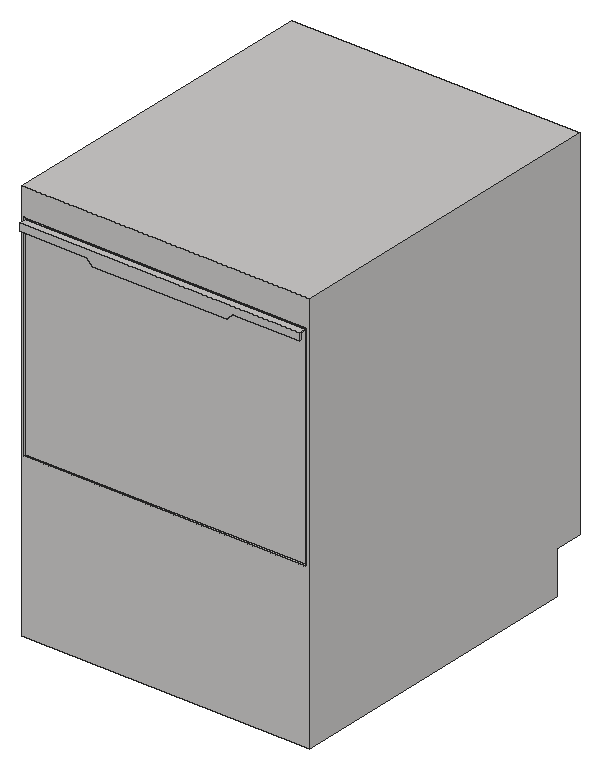
Revit family "QF_ELECTROLUXPROFESSIONAL_402314_EXLIWG", category Specialty Equipment, Revit 2018
Family settings
  Round Connector Dimension = Use Diameter
  Part Type = Normal
  Work Plane-Based = No
  Always vertical = Yes
  Cut with Voids When Loaded = No
  Shared = No
  Room Calculation Point = No
Parameters
  Weight = 76.50 kg
  Watts = 0 W
  Volts = 0 V
  URL Manufacturer = ""
  URL = "http://professional.electrolux.com/"
  Steam Supply Size = 0 mm
  Steam Supply Minimum Pressure = 0.0 Pa
  Steam Supply Maximum Pressure = 0.0 Pa
  Steam Pounds per Hour = 0
  Show Logo [instance] = yes
  Show Clearance [instance] = yes
  Refrigeration Suction Line Size = 0 mm
  Refrigeration Liquid Line Size = 0 mm
  Refrigerant Compressor Remote = yes
  Manufacturer = ""
  Phase = 0
  Model = ""
  Length Actual = 600 mm  # constant formula
  Item Number = ""
  Hot Water Size = 0 mm
  Height Actual = 850 mm  # constant formula
  HP = "8.9 HP"
  Gas Size = 0 mm
  Gas KW = 0
  Gas Input Pressure = 0 W
  Direct Waste Size = 29 mm
  Description = ""
  Depth Actual = 703 mm  # constant formula
  Cycle = 0 Hz
  Condensate Return Size = 0 mm
  Compressed Air Volume = 0.0 L/s
  Compressed Air Size = 0 mm
  Compressed Air Pressure = 0.0 Pa
  Cold Water Size = 0 mm
  Accessory = yes
Types (2, lengths in mm): name | Volts | URL Manufacturer | URL | Manufacturer | Phase | Model | Item Number | Hot Water Size | Description | Cycle | Cold Water Size
  (no name) | 0 V | "" | "http://professional.electrolux.com/" | "" | 0 | "" | "" | 0 | "" | 0 Hz | 0
  Standard | 380 V | "http://professional.electrolux.com" | "http://professional.electrolux.com" | "Electrolux Professional" | 3 | "EXLIWG" | "402314" | 19.05 | "UNDERCOUNTER (XL), DOUBLE SKIN, 600X400, WATER SOFTENER, DP., DETERGENT DISPENSER, 360T/H" | 50 Hz | 19.05
Reference planes
  plane 1 "Center (Front/Back)": y = 0
  plane 2: z = 0
  plane 3 "Center (Left/Right)": x = 0
  plane 4 "LEFT": x = -300
  plane 5 "RIGHT": x = 300
  plane 6 "FRONT": y = -351.5
  plane 7 "BACK": y = 351.5
  plane 8: x = -202.5
  plane 9: x = 202.5
  plane 10: z = 850
  plane 11: z = 10
Forms (mm)
  Extrusion 1, solid, material "QF_Finishes_Stainless Steel"
    sketch origin (0, 0, 0) x (1, 0, 0) y (0, 1, 0)
      loop
        line (-300, -351.5) -> (300, -351.5) -> (300, 293.5) -> (-300, 293.5) -> (-300, -351.5)
    from 10 to 850
  Extrusion 2, solid, material "QF_Finishes_Stainless Steel"
    sketch origin (0, 0, 0) x (1, 0, 0) y (0, 1, 0)
      loop
        line (-300, 293.5) -> (300, 293.5) -> (300, 351.5) -> (-300, 351.5) -> (-300, 293.5)
    from 100 to 850
  Extrusion 3, solid, material "QF_Finishes_Stainless Steel"
    sketch origin (0, 17.5, 0) x (1, 0, 0) y (0, 1, 0)
      loop
        circle (-266.5, 259) r 12.5
      loop
        circle (266.5, 259) r 12.5
      loop
        circle (-266.5, -319) r 12.5
      loop
        circle (266.5, -319) r 12.5
    from 0 to 10
  Extrusion 4, void
    sketch origin (-300, -351.5, 0) x (-1, 0, 0) y (0, 0, 1)
      loop
        line (-5, 793.217) -> (-595, 793.217) -> (-595, 347.239) -> (-5, 347.239) -> (-5, 793.217)
    from 0 to 30
  Extrusion 5, solid, material "QF_Finishes_Stainless Steel"
    sketch origin (-98, -340.5, 752) x (0, 0, -1) y (1, 0, 0)
      loop
        circle (693, 143) r 10
    from -634 to -692
  Extrusion 6, solid, material "QF_Door-Drawer Clearances", visible <- "Show Clearance", detail levels coarse
    sketch origin (-230, -282.5, 0) x (0, 1, 0) y (0, 0, -1)
      loop
        line (-69, -351.141) -> (-513, -351.141)
        arc (-513, -351.141) -> (-384.211, -664.874) -> (-69, -790) r 433.707
        line (-69, -790) -> (-69, -351.141)
    from 61.197 to -521.306
  Extrusion 7, solid, material "QF_Finishes_Stainless Steel"
    sketch origin (-407.481, -340.5, 722) x (0, 0, -1) y (1, 0, 0)
      loop
        circle (663, 252.481) r 8
    from -634 to -692
  Extrusion 8, solid, material "QF_Finishes_Stainless Steel"
    sketch origin (-230, -282.5, 0) x (0, 1, 0) y (0, 0, -1)
      loop
        line (-69, -351.141) -> (-69, -790) -> (-44, -790) -> (-44, -351.141) -> (-69, -351.141)
    from 61.197 to -521.306
  Extrusion 9, solid, material "QF_Finishes_Stainless Steel"
    sketch origin (-230, -297.5, 0) x (0, 1, 0) y (0, 0, -1)
      loop
        line (-54, -790) -> (-54, -787.514) -> (-66.5, -787.514) -> (-66.5, -761.25) -> (-69, -761.25) -> (-69, -790) -> (-54, -790)
    from 61.197 to -521.306
  Extrusion 10, void
    sketch origin (-230, -366.5, 790) x (0, 0, 1) y (1, 0, 0)
      loop
        line (-15.552, -61.197) -> (-15.552, 77.909) -> (-28.75, 91.107) -> (-28.75, -61.197) -> (-15.552, -61.197)
      loop
        line (-15.552, 521.197) -> (-28.75, 521.197) -> (-28.75, 368.893) -> (-15.552, 382.091) -> (-15.552, 521.197)
    from 0 to 2.5
  Extrusion 11, solid, material "QF_Finishes_Stainless Steel"
    sketch origin (-214, -370.29, 631.5) x (0, 0, -1) y (1, 0, 0)
      loop
        circle (611.5, 158) r 8
    from -663.79 to -721.79
Cuts and joins
  Extrusion 4 cuts Extrusion 1
  joined: Extrusion 1, Extrusion 2
  Extrusion 10 cuts Extrusion 8
  Extrusion 10 cuts Extrusion 9
Lines and regions (mm)
  Split face 1
    outline origin (-300, -351.5, 850) x (0, 0, -1) y (1, 0, 0)
      loop
        line (56.783, 5) -> (42.5, 5) -> (42.5, 67.5) -> (54.142, 79.142) -> (54.142, 520.858) -> (42.5, 532.5) -> (42.5, 595) -> (56.783, 595)
  Split face 2
    outline origin (-300, -351.5, 850) x (0, 0, -1) y (1, 0, 0)
      loop
        line (42.5, 5) -> (5, 5) -> (5, 595) -> (42.5, 595)
  Split face 3
    outline origin (-300, -351.5, 850) x (0, 0, -1) y (1, 0, 0)
      loop
        line (21.579, 283.75) -> (39.683, 283.75) -> (39.683, 316.25) -> (21.579, 316.25) -> (21.579, 283.75)
  symbolic lines
    curve 1: line (-300, 351.5, 0) -> (300, 351.5, 0)
    curve 2: line (-300, -351.5, 0) -> (-300, 351.5, 0)
    curve 3: line (300, -351.5, 0) -> (-300, -351.5, 0)
    curve 4: line (300, 351.5, 0) -> (300, -351.5, 0)
    curve 9: line (-291.197, -351.5, 0) -> (-291.197, -366.5, 0)
    curve 10: line (291.306, -366.5, 0) -> (291.306, -351.5, 0)
    curve 11: line (-291.197, -366.5, 0) -> (291.306, -366.5, 0)
  symbolic lines, style "QF_Door-Drawer Clearances"
    curve 5: line (-291.197, -795.5, 0) -> (291.306, -795.5, 0)
    curve 6: line (291.306, -795.5, 0) -> (291.306, -351.5, 0)
    curve 7: line (-291.197, -795.5, 0) -> (-291.197, -351.5, 0)
  symbolic lines, style "SpecialityEquipmentHiddenLines"
    curve 8: line (-300, 293.5, 0) -> (300, 293.5, 0)
Dimensions and locks
  equal spacing: plane 4 "LEFT", plane 3 "Center (Left/Right)", plane 5 "RIGHT"
  equal spacing: plane 7 "BACK", plane 1 "Center (Front/Back)", plane 6 "FRONT"
  plane 7 "BACK" to plane 6 "FRONT" = 703 mm
  plane 4 "LEFT" to plane 5 "RIGHT" = 600 mm
  plane 4 "LEFT" to plane 8 = 97.5 mm
  plane 9 to plane 5 "RIGHT" = 97.5 mm
  plane 11 to level = 10 mm
  plane 4 "LEFT" to plane 3 "Center (Left/Right)" = 300 mm
  plane 10 to level = 850 mm  (x2)
  plane 8 to plane 9 = 405 mm
  Extrusion 11 sketch curve to plane 4 "LEFT" = 244 mm
  level to Extrusion 5 sketch curve = 59 mm
  Extrusion 5 sketch curve to plane 4 "LEFT" = 345 mm
  Extrusion 7 sketch curve to plane 4 "LEFT" = 145 mm
  level to Extrusion 7 sketch curve = 59 mm
  Extrusion 3 to cut or joined group of Extrusion 1, Extrusion 2, Extrusion 4 = 75 mm
  Extrusion 3 to Extrusion 3 = 578 mm
  plane 6 "FRONT" to Extrusion 3 = 50 mm
  plane 9 to plane 8 = 405 mm
  plane 6 "FRONT" to curve 5 = 444 mm
  cut or joined group of Extrusion 1, Extrusion 2, Extrusion 4 to level = 347.239 mm
  aligned and locked: level to plane 2
  aligned and locked: Extrusion 1 sketch curve to plane 6 "FRONT"
  aligned and locked: Extrusion 1 sketch curve to plane 4 "LEFT"
  aligned and locked: plane 5 "RIGHT" to Extrusion 1 sketch curve
  aligned and locked: Extrusion 1 to plane 11
  aligned and locked: Extrusion 2 sketch curve to Extrusion 1  (x2)
  aligned and locked: plane 5 "RIGHT" to Extrusion 2 sketch curve
  aligned and locked: plane 11 to Extrusion 3
  aligned and locked: cut or joined group of Extrusion 9, Extrusion 10 to Extrusion 10
  aligned and locked: plane 7 "BACK" to Extrusion 2
Automatic sketch dimensions
  Extrusion 1 sketch curve to plane 7 "BACK" = 58 mm
  Extrusion 3 sketch curve to plane 8 = 64 mm  (x2)
  plane 9 to Extrusion 3 sketch curve = 64 mm  (x2)
  plane 6 "FRONT" to Extrusion 3 sketch curve = 50 mm  (x2)
  Extrusion 3 sketch curve to plane 7 "BACK" = 75 mm  (x2)
  Extrusion 4 sketch curve to Extrusion 1 = 5 mm  (x2)
  Extrusion 4 sketch curve to Extrusion 1 = 337.239 mm
  Extrusion 4 sketch curve to Extrusion 1 = 56.783 mm
  plane 6 "FRONT" to Extrusion 8 sketch curve = 0 mm
  Extrusion 8 sketch curve to Extrusion 8 sketch curve = 25 mm
  Extrusion 9 sketch curve to plane 6 "FRONT" = 15 mm
  Extrusion 9 sketch curve to Extrusion 9 sketch curve = 2.5 mm
  Extrusion 9 sketch curve to Extrusion 9 sketch curve = 12.5 mm
  Extrusion 9 sketch curve to plane 10 = 60 mm
  Extrusion 9 sketch curve to Extrusion 9 sketch curve = 2.486 mm
  Extrusion 9 sketch curve to Extrusion 9 sketch curve = 26.264 mm
  Split face 1 sketch curve to cut or joined group of Extrusion 1, Extrusion 2, Extrusion 4 = 0 mm  (x4)
  cut or joined group of Extrusion 1, Extrusion 2, Extrusion 4 to Split face 1 sketch curve = 2.641 mm
  Split face 1 sketch curve to Split face 1 sketch curve = 11.642 mm  (x4)
  Split face 1 sketch curve to Split face 1 sketch curve = 62.5 mm
  Split face 1 sketch curve to cut or joined group of Extrusion 1, Extrusion 2, Extrusion 4 = 74.142 mm
  Split face 2 sketch curve to cut or joined group of Extrusion 1, Extrusion 2, Extrusion 4 = 0 mm  (x2)
  Split face 2 sketch curve to cut or joined group of Extrusion 1, Extrusion 2, Extrusion 4 = 5 mm
  cut or joined group of Extrusion 1, Extrusion 2, Extrusion 4 to Split face 2 sketch curve = 14.283 mm  (x2)
  Extrusion 2 sketch curve to Extrusion 2 sketch curve = 58 mm
  Split face 3 sketch curve to cut or joined group of Extrusion 1, Extrusion 2, Extrusion 4 = 21.579 mm
  Split face 3 sketch curve to Split face 3 sketch curve = 18.104 mm
  Split face 3 sketch curve to cut or joined group of Extrusion 1, Extrusion 2, Extrusion 4 = 278.75 mm
  Split face 3 sketch curve to Split face 3 sketch curve = 32.5 mm
  plane 11 to Extrusion 8 sketch curve = 341.141 mm
  Extrusion 8 sketch curve to plane 10 = 60 mm
  Extrusion 10 sketch curve to Extrusion 9 = 0 mm  (x2)
  Extrusion 9 to Extrusion 10 sketch curve = 0 mm
  Extrusion 10 sketch curve to Extrusion 9 = 13.198 mm  (x2)
  Extrusion 10 sketch curve to Extrusion 9 = 139.107 mm
  Extrusion 10 sketch curve to Extrusion 10 sketch curve = 13.198 mm  (x2)
  Extrusion 10 sketch curve to Extrusion 9 = 152.413 mm
  Extrusion 10 sketch curve to Extrusion 9 = 0.109 mm
  plane 11 to Extrusion 11 sketch curve = 10 mm
  curve 3 to plane 4 "LEFT" = 0 mm
  curve 7 to plane 6 "FRONT" = 0 mm
  curve 4 to plane 5 "RIGHT" = 0 mm
  curve 2 to plane 7 "BACK" = 0 mm
  plane 4 "LEFT" to curve 5 = 8.803 mm
  curve 5 to plane 5 "RIGHT" = 8.694 mm
  plane 4 "LEFT" to curve 11 = 8.803 mm
  curve 10 to plane 5 "RIGHT" = 8.694 mm
  curve 11 to plane 6 "FRONT" = 15 mm
  curve 8 to plane 7 "BACK" = 58 mm
  Extrusion 6 sketch curve to plane 6 "FRONT" = 0 mm
  Extrusion 6 sketch curve to plane 6 "FRONT" = 10.325 mm
  Extrusion 6 sketch curve to Extrusion 6 sketch curve = 433.675 mm
  Extrusion 6 sketch curve to plane 10 = 60 mm
  level to Extrusion 6 sketch curve = 356.416 mm
  radius of Extrusion 5 sketch curve = 10 mm
  radius of Extrusion 7 sketch curve = 8 mm
  radius of Extrusion 3 sketch curve = 12.5 mm  (x4)
  radius of Extrusion 11 sketch curve = 8 mm
Connectors
  piping at (45, 351.5, 59), diameter 20
    settings: on Extrusion 5, index 1, connector inside diameter 609.6 mm, connector length 0 mm, flow factor 0, pipe flow 0.0 L/s, pressure drop 0.0 Pa, fitting loss kfactor 0, connector angle 0.00°, fixture units 0, engagement length 0 mm, angle of deflection 0.00°, flow configuration 1, flow direction 1, fitting loss method 0, system type 16, joint type 0, gender type 0, connector reference index -1, connector utility 0, adjustable connector no, is connector primary yes, connector description "Drain"
  piping at (-155, 351.5, 59), driven by "Cold Water Size"
    settings: on Extrusion 7, index 3, connector diameter 0 mm, connector inside diameter 609.6 mm, connector length 0 mm, flow factor 0, pipe flow 0.0 L/s, pressure drop 0.0 Pa, fitting loss kfactor 0, connector angle 0.00°, fixture units 0, engagement length 0 mm, angle of deflection 0.00°, flow configuration 1, flow direction 1, fitting loss method 0, system type 20, joint type 0, gender type 0, connector reference index -1, connector utility 0, adjustable connector no, is connector primary no, connector description "Cold Water Inlet"
  electrical at (-56, 351.5, 20), driven by "Volts"
    settings: on Extrusion 11, index 4, voltage 0 V, apparent load 0 VA, apparent load phase1 0 VA, apparent load phase2 0 VA, apparent load phase3 0 VA, power factor 1, load classification "Altro", number of poles 1, system type 31, power factor state 1, is connector primary yes, connector utility no, sub classification motor no, connector description "Electrical Connection"
